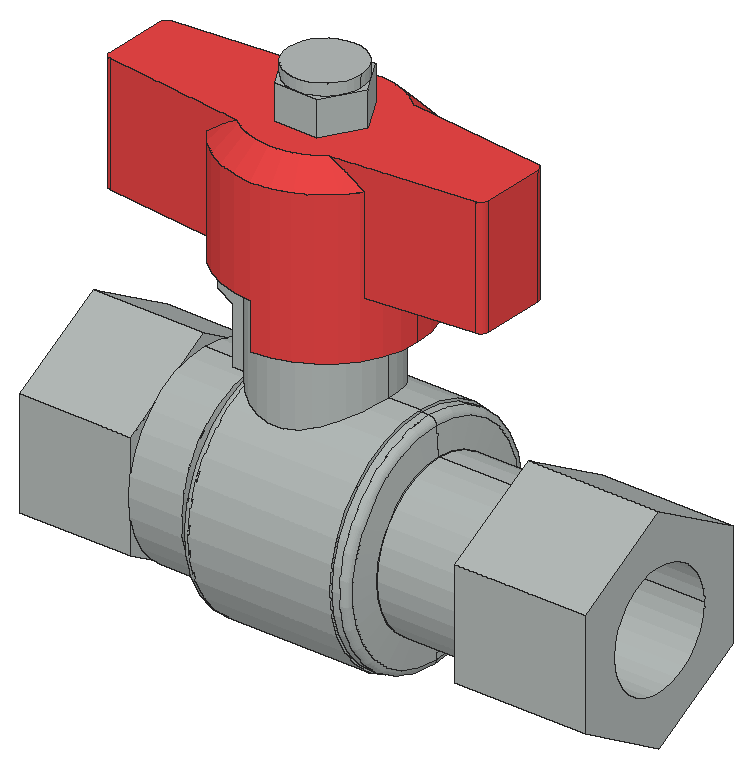
Revit family "QD16000000", category Apparecchi idraulici, Revit 2020
Family settings
  Quota connettore circolare = Usa diametro
  Tipo di parte = Normale
  Numero OmniClass = 23.45.00.00
  Titolo OmniClass = Sanitary, Laundry, and Cleaning Equipment
  Basato su piano di lavoro = No
  Sempre verticale = Sì
  Taglio con vuoti quando caricato = No
  Condiviso = No
  Punto di calcolo locali = No
Parameters
  URL = "https://web.cimberio.com/index.php/figura/435?subcategoria_id="
  Temperatura di esercizio = "-20 ÷ 90°C"
  Prospetto di default = 0 mm
  Produttore = "CIMBERIO SPA"
  Pressione nominale = "PN 16"
  Modello = "Cim 356"
  Materiale = "Prodotto in lega di ottone conforme alla norma EN 12165-CW617N-DW"
  Descrizione = "Utilizzato nei più svariati settori dell'impiantistica: reti di distribuzione acqua potabile, impianti di riscaldamento, condizionamento, igienico-sanitari e in generale con ogni fluido non corrosivo"
  DN Model [instance] = QD16001015 : QD16001015
  DN [instance] = 15 mm
  Commenti sul tipo = "Realizzato in ottemperanza ai requisiti gestionali della norma EN ISO 9001.\r\nCollaudato al 100% secondo la normativa EN 12266-1"
Reference planes
  plane 1 "Centro (Fronte/Retro)": y = 0
  plane 2: z = 0
  plane 3 "Centro (Sinistra/Destra)": x = 0
Dimensions and locks
  aligned and locked: level to plane 2
Nested families
  nested 1: "QD16001015" at (0, 0, 0), type <- "DN Model", type "QD16001015"
  nested 2: "QD16001015" at (0, 0, 0), type <- "DN Model", type "QD16001015"
  nested 3: "QD16001015" at (0, 0, 0), type <- "DN Model", type "QD16001015"
  nested 4: "QD16001015" at (0, 0, 0), type <- "DN Model", type "QD16001015"
  nested 5: "QD16001015" at (0, 0, 0), type <- "DN Model", type "QD16001015"
  nested 6: "QD16001015" at (0, 0, 0), type <- "DN Model", type "QD16001015"
  nested 7: "QD16001015" at (0, 0, 0), type <- "DN Model", type "QD16001015"
  nested 8: "QD16001015" at (0, 0, 0), type <- "DN Model", type "QD16001015"
  nested 9: "QD16001015" at (0, 0, 0), type <- "DN Model", type "QD16001015"
  nested 10: "QD16001015" at (0, 0, 0), type <- "DN Model", type "QD16001015"
  nested 11: "QD16001015" at (0, 0, 0), type <- "DN Model", type "QD16001015"
  nested 12: "QD16001015" at (0, 0, 0), type <- "DN Model", type "QD16001015"
Connectors
  piping at (44.1, 0, 0), diameter 15, driven by "DN"
    settings: on nested 1, index 1, connector inside diameter 609.6 mm, connector length 0 mm, flow factor 0, pipe flow 0.0 L/s, pressure drop 0.0 Pa, fitting loss kfactor 0, connector angle 0.00°, fixture units 0, engagement length 0 mm, angle of deflection 0.00°, flow configuration 0, flow direction 0, fitting loss method 0, system type 7, joint type 0, gender type 0, connector reference index -1, connector utility 0, adjustable connector no, is connector primary yes, connector description ""
  piping at (-30.6, 0, 0), diameter 15, driven by "DN"
    settings: on nested 1, index 2, connector inside diameter 609.6 mm, connector length 0 mm, flow factor 0, pipe flow 0.0 L/s, pressure drop 0.0 Pa, fitting loss kfactor 0, connector angle 0.00°, fixture units 0, engagement length 0 mm, angle of deflection 0.00°, flow configuration 0, flow direction 0, fitting loss method 0, system type 7, joint type 0, gender type 0, connector reference index -1, connector utility 0, adjustable connector no, is connector primary no, connector description ""
Definition of nested family "QD16001015"
  Parameters (values of type "QD16001015")
    Default Elevation = 0 mm
  Reference planes
    plane 1 "Centro (Fronte/Retro)": y = 0
    plane 2: z = 0
    plane 3 "Centro (Sinistra/Destra)": x = 0
  Forms (mm)
    Revolve 1, solid
      sketch origin (0, 0, 0) x (1, 0, 0) y (0, 0, 1)
        loop
          line (-6.08, -15) -> (12.6, -15) -> (12.6, -7.5) -> (-16, -7.5) -> (-16, -12.5) -> (-9, -12.5) -> (-6.797, -14.703)
          arc (-6.797, -14.703) -> (-6.468, -14.923) -> (-6.08, -15) r 1.015
        axis (-16, 0) -> (12.6, 0)
      angle from 0 to 360
    Extrusion 2, solid
      sketch origin (-16, 0, 0) x (0, 0, 1) y (0, 1, 0)
        loop
          circle (0, 0) r 7.5
        loop
          line (-14, 0) -> (-7, -12.124) -> (7, -12.124) -> (14, 0) -> (7, 12.124) -> (-7, 12.124) -> (-14, 0)
      from 0 to 14.6
    Extrusion 3, solid
      sketch origin (16, 0, 0) x (0, 0, 1) y (0, -1, 0)
        loop
          circle (0, 0) r 7.5
        loop
          line (-14, 0) -> (-7, -12.124) -> (7, -12.124) -> (14, 0) -> (7, 12.124) -> (-7, 12.124) -> (-14, 0)
      from 10.85 to 28.1
    Extrusion 4, solid
      sketch origin (0, 0, 28.55) x (1, 0, 0) y (0, 1, 0)
        loop
          circle (0, 0) r 8.45
        loop
          circle (0, 0) r 6.348
      from -20.832 to 5.337
    Revolve 5, solid
      sketch origin (0, 0, 0) x (1, 0, 0) y (0, 0, 1)
        loop
          line (0, 45.845) -> (-9.25, 45.845) -> (-12.25, 42.845) -> (-12.25, 22.845) -> (-8.92, 22.845) -> (-8.92, 33.247) -> (0, 33.247) -> (0, 45.845)
        axis (0, 45.845) -> (0, 22.845)
      angle from 0 to 360
    Extrusion 6, void
      sketch origin (0, 0, 28.55) x (1, 0, 0) y (0, 1, 0)
        loop
          line (-8.682, 0) -> (-12.25, 0)
          arc (-12.25, 0) -> (-8.662, -8.662) -> (0, -12.25) r 12.25
          line (0, -12.25) -> (0, -7.437)
          arc (0, -7.437) -> (-5.627, -5.22) -> (-8.682, 0) r 9.25
      from -7.705 to 0.295
    Extrusion 7, solid
      sketch origin (0, 0, 0) x (1, 0, 0) y (0, 0, 1)
        loop
          line (-13, 26.345) -> (-13, 21.045) -> (-11, 19.89) -> (-11, 11.799) -> (-6.613, 11.799) -> (-6.613, 26.345) -> (-13, 26.345)
      from 0 to 1.497
    Extrusion 8, solid
      sketch origin (0, 0, 45.845) x (0, 1, 0) y (-1, 0, 0)
        loop
          line (0, 5.6) -> (-4.85, 2.8) -> (-4.85, -2.8) -> (0, -5.6) -> (4.85, -2.8) -> (4.85, 2.8) -> (0, 5.6)
      from 0 to 4.5
    Extrusion 9, solid
      sketch origin (0, 0, 50.345) x (0, 1, 0) y (-1, 0, 0)
        loop
          circle (0, 0) r 4.75
      from 0 to 1.5
    Revolve 10, solid
      sketch origin (0, 0, 0) x (1, 0, 0) y (0, 0, 1)
        loop
          line (12.6, 7.5) -> (14.994, 7.5) -> (14.994, 10.25) -> (14.68, 13.836)
          arc (14.68, 13.836) -> (14.36, 14.487) -> (13.684, 14.75) r 1
          line (13.684, 14.75) -> (12.6, 14.75) -> (12.6, 7.5)
        axis (12.6, 0) -> (14.994, 0)
      angle from 0 to 360
    Revolve 11, solid
      sketch origin (0, 0, 0) x (1, 0, 0) y (0, 0, 1)
        loop
          line (14.994, 10.25) -> (14.994, 7.5) -> (26.85, 7.5) -> (26.85, 10.25) -> (14.994, 10.25)
        axis (14.994, 0) -> (26.85, 0)
      angle from 0 to 360
    Extrusion 12, solid
      sketch origin (0, 0, 50.345) x (0, 1, 0) y (-1, 0, 0)
        loop
          arc (5.009, 24.198) -> (4.685, 24.84) -> (4.014, 25.099) r 1
          line (4.014, 25.099) -> (-4.175, 25.099)
          arc (-4.175, 25.099) -> (-4.846, 24.84) -> (-5.17, 24.198) r 1
          line (-5.17, 24.198) -> (-7.576, 0.099) -> (-5.17, -24)
          arc (-5.17, -24) -> (-4.846, -24.642) -> (-4.175, -24.901) r 1
          line (-4.175, -24.901) -> (4.014, -24.901)
          arc (4.014, -24.901) -> (4.685, -24.642) -> (5.009, -24) r 1
          line (5.009, -24) -> (7.415, 0.099) -> (5.009, 24.198)
      from -19.978 to -4.5
  Cuts and joins
    Extrusion 6 cuts Revolve 5
    joined: Revolve 5, Extrusion 12
    joined: Revolve 1, Extrusion 4, Extrusion 7
  Dimensions and locks
    aligned and locked: level to plane 2
